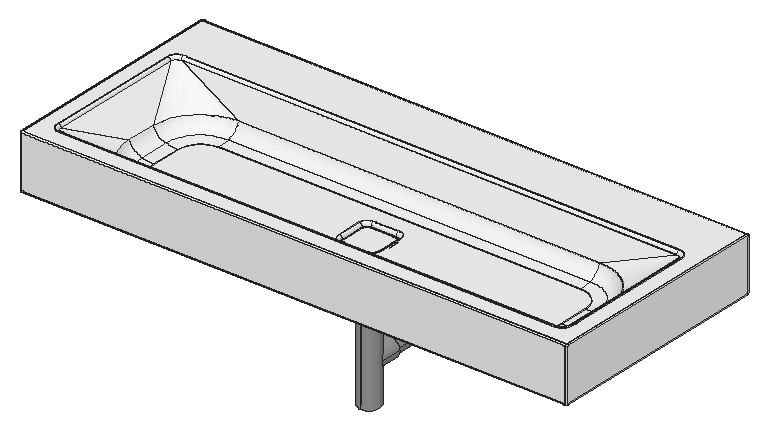
Revit family "KDW010100", category Appareils sanitaires, Revit 2015 (continued)
Definition of nested family "KDW010100"
  Automatic sketch dimensions
    Revolve 4 sketch curve to Revolve 4 sketch curve = 1.4185 cm
    Revolve 4 sketch curve to Revolve 4 sketch curve = 1.3323 cm
    Revolve 4 sketch curve to Revolve 4 sketch curve = 0.5 cm
    Extrusion 5 sketch curve to Extrusion 5 sketch curve = 1.2 cm  (x3)
    Extrusion 5 sketch curve to Extrusion 5 sketch curve = 5.0919 cm  (x2)
    Extrusion 5 sketch curve to Extrusion 5 sketch curve = 4.9814 cm
    Sweep 6 sketch curve to Sweep 6 sketch curve = 1.2 cm  (x3)
    Sweep 6 sketch curve to Sweep 6 sketch curve = 5.0919 cm
    Sweep 6 sketch curve to Sweep 6 sketch curve = 0 cm  (x2)
    Sweep 6 sketch curve to Sweep 6 sketch curve = 4.9814 cm
    profile plane to Sweep 6 sketch curve = 0 cm
    profile plane to Sweep 6 sketch curve = 0.0786 cm
    profile plane to Sweep 6 sketch curve = 2.2472 cm
    Sweep 6 sketch curve to Sweep 6 sketch curve = 0.1183 cm
    Revolve 7 sketch curve to plane 6 = 15.7154 cm
    Revolve 7 sketch curve to plane 6 = 13.9612 cm
    Revolve 7 sketch curve to Revolve 7 sketch curve = 1.2444 cm
    Revolve 7 sketch curve to Revolve 7 sketch curve = 0.1681 cm
    Revolve 7 sketch curve to Revolve 7 sketch curve = 0.0242 cm
    Revolve 7 sketch curve to Revolve 7 sketch curve = 0.2282 cm
    Revolve 7 sketch curve to plane 6 = 11.3667 cm
    Revolve 7 sketch curve to Revolve 7 sketch curve = 0.2692 cm
    Revolve 7 sketch curve to Revolve 7 sketch curve = 0 cm
    Revolve 7 sketch curve to plane 6 = 13.7214 cm
    Revolve 7 sketch curve to Revolve 7 sketch curve = 0.4917 cm
    Revolve 7 sketch curve to Revolve 7 sketch curve = 0.0784 cm
    Revolve 7 sketch curve to Revolve 7 sketch curve = 0.4389 cm
    Revolve 7 sketch curve to Revolve 7 sketch curve = 0.0996 cm  (x2)
    Revolve 7 sketch curve to plane 6 = 10.5536 cm
    Revolve 7 sketch curve to Revolve 7 sketch curve = 0.6366 cm
    Revolve 7 sketch curve to Revolve 7 sketch curve = 0.0963 cm
    Revolve 7 sketch curve to Revolve 7 sketch curve = 0.128 cm
    Revolve 7 sketch curve to Revolve 7 sketch curve = 0.4 cm
    Revolve 7 sketch curve to Revolve 7 sketch curve = 0.5734 cm
    Revolve 7 sketch curve to Revolve 7 sketch curve = 0.1504 cm
    Revolve 7 sketch curve to Revolve 7 sketch curve = 0.1 cm
    Revolve 7 sketch curve to Revolve 7 sketch curve = 0.5313 cm
    Revolve 7 sketch curve to Revolve 7 sketch curve = 0.3313 cm
    Revolve 7 sketch curve to Revolve 7 sketch curve = 0.5632 cm
    Revolve 7 sketch curve to Revolve 7 sketch curve = 0.1012 cm
    Revolve 7 sketch curve to Revolve 7 sketch curve = 0.2293 cm
    Revolve 7 sketch curve to Revolve 7 sketch curve = 0.1993 cm
    Revolve 7 sketch curve to Revolve 7 sketch curve = 0.3215 cm
    Revolve 7 sketch curve to Revolve 7 sketch curve = 0.7709 cm
    Revolve 7 sketch curve to Revolve 7 sketch curve = 0.0066 cm
    Revolve 7 sketch curve to Revolve 7 sketch curve = 0.8412 cm
    Revolve 7 sketch curve to Revolve 7 sketch curve = 0.6618 cm
    Extrusion 8 sketch curve to Extrusion 8 sketch curve = 3.325 cm
    Extrusion 8 sketch curve to Extrusion 8 sketch curve = 2 cm  (x3)
    Extrusion 8 sketch curve to Extrusion 8 sketch curve = 108.6897 cm
    Extrusion 8 sketch curve to Extrusion 8 sketch curve = 0 cm
    Extrusion 8 sketch curve to Extrusion 8 sketch curve = 5.3852 cm
    Extrusion 8 sketch curve to Extrusion 8 sketch curve = 3.6385 cm
    Extrusion 8 sketch curve to Extrusion 8 sketch curve = 30.0774 cm
    Extrusion 8 sketch curve to Extrusion 8 sketch curve = 11.6841 cm
    Revolve 9 sketch curve to plane 6 = 11.7991 cm
    Revolve 9 sketch curve to plane 6 = 0.3007 cm
    Revolve 9 sketch curve to Revolve 9 sketch curve = 0 cm  (x3)
    Revolve 9 sketch curve to Revolve 9 sketch curve = 0.0009 cm  (x2)
    Revolve 9 sketch curve to Revolve 9 sketch curve = 0.0991 cm
    Revolve 9 sketch curve to Revolve 9 sketch curve = 0.2 cm
    Revolve 9 sketch curve to Revolve 9 sketch curve = 0.2009 cm
    Revolve 9 sketch curve to Revolve 9 sketch curve = 0.0791 cm
    Revolve 9 sketch curve to Revolve 9 sketch curve = 0.0722 cm
    Revolve 10 sketch curve to plane 6 = 11.7991 cm
    Revolve 10 sketch curve to plane 6 = 0.3007 cm
    Revolve 10 sketch curve to Revolve 10 sketch curve = 0 cm  (x3)
    Revolve 10 sketch curve to Revolve 10 sketch curve = 0.0009 cm  (x2)
    Revolve 10 sketch curve to Revolve 10 sketch curve = 0.0991 cm  (x2)
    Revolve 10 sketch curve to Revolve 10 sketch curve = 0.2 cm
    Revolve 10 sketch curve to Revolve 10 sketch curve = 0.0791 cm
    Revolve 10 sketch curve to Revolve 10 sketch curve = 0.0722 cm
    Revolve 11 sketch curve to plane 6 = 11.7991 cm
    Revolve 11 sketch curve to plane 6 = 0.3007 cm
    Revolve 11 sketch curve to Revolve 11 sketch curve = 0 cm  (x3)
    Revolve 11 sketch curve to Revolve 11 sketch curve = 0.0009 cm  (x2)
    Revolve 11 sketch curve to Revolve 11 sketch curve = 0.0991 cm
    Revolve 11 sketch curve to Revolve 11 sketch curve = 0.2 cm
    Revolve 11 sketch curve to Revolve 11 sketch curve = 0.2009 cm
    Revolve 11 sketch curve to Revolve 11 sketch curve = 0.0791 cm
    Revolve 11 sketch curve to Revolve 11 sketch curve = 0.0722 cm
    Revolve 12 sketch curve to plane 6 = 11.7991 cm
    Revolve 12 sketch curve to plane 6 = 0.3007 cm
    Revolve 12 sketch curve to Revolve 12 sketch curve = 0 cm  (x3)
    Revolve 12 sketch curve to Revolve 12 sketch curve = 0.0009 cm  (x2)
    Revolve 12 sketch curve to Revolve 12 sketch curve = 0.0991 cm  (x2)
    Revolve 12 sketch curve to Revolve 12 sketch curve = 0.2 cm
    Revolve 12 sketch curve to Revolve 12 sketch curve = 0.0791 cm
    Revolve 12 sketch curve to Revolve 12 sketch curve = 0.0722 cm
    Extrusion 13 sketch curve to plane 6 = 0.3007 cm  (x2)
    Extrusion 13 sketch curve to Extrusion 13 sketch curve = 0.2 cm  (x2)
    Extrusion 13 sketch curve to Extrusion 13 sketch curve = 0.0991 cm  (x5)
    Extrusion 13 sketch curve to Extrusion 13 sketch curve = 0.0009 cm  (x4)
    Extrusion 13 sketch curve to plane 6 = 11.7 cm
    Extrusion 13 sketch curve to Extrusion 13 sketch curve = 49.4 cm
    Extrusion 13 sketch curve to Extrusion 13 sketch curve = 0 cm  (x3)
    Extrusion 13 sketch curve to Extrusion 13 sketch curve = 11.6993 cm
    Extrusion 14 sketch curve to plane 6 = 0.3007 cm
    Extrusion 14 sketch curve to Extrusion 14 sketch curve = 0.2 cm  (x2)
    Extrusion 14 sketch curve to Extrusion 14 sketch curve = 0.0991 cm  (x3)
    Extrusion 14 sketch curve to Extrusion 14 sketch curve = 0.0009 cm  (x4)
    Extrusion 14 sketch curve to plane 6 = 0.0007 cm
    Extrusion 14 sketch curve to Extrusion 14 sketch curve = 119.4 cm
    Extrusion 14 sketch curve to Extrusion 14 sketch curve = 0 cm  (x5)
    Extrusion 14 sketch curve to Extrusion 14 sketch curve = 11.3993 cm  (x2)
    Extrusion 15 sketch curve to Extrusion 15 sketch curve = 0.7 cm  (x2)
    Extrusion 15 sketch curve to Extrusion 15 sketch curve = 118 cm
    Extrusion 15 sketch curve to Extrusion 15 sketch curve = 1.7 cm  (x2)
    Extrusion 15 sketch curve to Extrusion 15 sketch curve = 46 cm
    Extrusion 16 sketch curve to Extrusion 16 sketch curve = 0.2 cm
    Extrusion 16 sketch curve to Extrusion 16 sketch curve = 2.5 cm
    Extrusion 16 sketch curve to Extrusion 16 sketch curve = 2.3 cm
    Extrusion 16 sketch curve to Extrusion 16 sketch curve = 0.05 cm  (x8)
    Extrusion 16 sketch curve to Extrusion 16 sketch curve = 0.3302 cm
    Extrusion 16 sketch curve to Extrusion 16 sketch curve = 0.5 cm  (x6)
    Extrusion 16 sketch curve to Extrusion 16 sketch curve = 1.8558 cm
    Extrusion 16 sketch curve to Extrusion 16 sketch curve = 1.586 cm
    Extrusion 16 sketch curve to Extrusion 16 sketch curve = 0.014 cm  (x2)
    Extrusion 16 sketch curve to Extrusion 16 sketch curve = 0.1859 cm  (x2)
    Extrusion 16 sketch curve to Extrusion 16 sketch curve = 0.3074 cm
    Extrusion 16 sketch curve to Extrusion 16 sketch curve = 1.214 cm
    Extrusion 16 sketch curve to Extrusion 16 sketch curve = 1.9942 cm
    Extrusion 16 sketch curve to Extrusion 16 sketch curve = 1.4869 cm
    Extrusion 16 sketch curve to Extrusion 16 sketch curve = 0.0122 cm  (x2)
    Extrusion 16 sketch curve to Extrusion 16 sketch curve = 0.1616 cm  (x2)
    Extrusion 16 sketch curve to Extrusion 16 sketch curve = 2.146 cm  (x2)
    Extrusion 16 sketch curve to Extrusion 16 sketch curve = 1.8 cm  (x2)
    Extrusion 16 sketch curve to Extrusion 16 sketch curve = 0 cm  (x11)
    Extrusion 16 sketch curve to Extrusion 16 sketch curve = 0.1 cm
    Extrusion 16 sketch curve to Extrusion 16 sketch curve = 0.1831 cm
    Extrusion 16 sketch curve to Extrusion 16 sketch curve = 0.7668 cm  (x4)
    Extrusion 16 sketch curve to Extrusion 16 sketch curve = 0.8152 cm
    Extrusion 16 sketch curve to Extrusion 16 sketch curve = 0.3223 cm
    Extrusion 16 sketch curve to Extrusion 16 sketch curve = 1.3 cm
    Extrusion 16 sketch curve to Extrusion 16 sketch curve = 0.6191 cm  (x4)
    Extrusion 16 sketch curve to Extrusion 16 sketch curve = 1.1349 cm
    Extrusion 16 sketch curve to Extrusion 16 sketch curve = 0.9869 cm
    Extrusion 16 sketch curve to Extrusion 16 sketch curve = 1.2959 cm
    Extrusion 16 sketch curve to Extrusion 16 sketch curve = 38.1337 cm
    Extrusion 16 sketch curve to Extrusion 16 sketch curve = 2.5758 cm
    Extrusion 16 sketch curve to Extrusion 16 sketch curve = 0.0243 cm
    Extrusion 16 sketch curve to Extrusion 16 sketch curve = 0.9999 cm
    Extrusion 16 sketch curve to Extrusion 16 sketch curve = 1.1499 cm
    Extrusion 16 sketch curve to Extrusion 16 sketch curve = 0.6641 cm
    Extrusion 16 sketch curve to Extrusion 16 sketch curve = 0.1485 cm
    Extrusion 16 sketch curve to Extrusion 16 sketch curve = 0.0859 cm
    Extrusion 16 sketch curve to Extrusion 16 sketch curve = 0.4584 cm
    Revolve 17 sketch curve to plane 6 = 14.8115 cm
    Revolve 17 sketch curve to Revolve 17 sketch curve = 1.6933 cm
    Revolve 17 sketch curve to Revolve 17 sketch curve = 1.6405 cm
    Revolve 17 sketch curve to Revolve 17 sketch curve = 1.1242 cm
    Revolve 17 sketch curve to Revolve 17 sketch curve = 0.0201 cm
    Revolve 17 sketch curve to Revolve 17 sketch curve = 0.0047 cm
    Revolve 17 sketch curve to Revolve 17 sketch curve = 0.3965 cm
    Revolve 17 sketch curve to Revolve 17 sketch curve = 1.7779 cm
    Revolve 17 sketch curve to Revolve 17 sketch curve = 1.8903 cm
    Revolve 17 sketch curve to Revolve 17 sketch curve = 0.2 cm  (x2)
    Revolve 17 sketch curve to Revolve 17 sketch curve = 0.2984 cm
    Revolve 17 sketch curve to Revolve 17 sketch curve = 0.0083 cm
    Revolve 17 sketch curve to Revolve 17 sketch curve = 0.6951 cm
    Revolve 17 sketch curve to Revolve 17 sketch curve = 2.0187 cm
    Revolve 17 sketch curve to Revolve 17 sketch curve = 0.5454 cm
    Revolve 17 sketch curve to Revolve 17 sketch curve = 0.3086 cm
    Sweep 18 sketch curve to Sweep 18 sketch curve = 2 cm  (x3)
    Sweep 18 sketch curve to Sweep 18 sketch curve = 108.6897 cm
    Sweep 18 sketch curve to Sweep 18 sketch curve = 0 cm
    Sweep 18 sketch curve to Sweep 18 sketch curve = 30.0774 cm
    profile plane to Sweep 18 sketch curve = 0.6535 cm
    Sweep 18 sketch curve to Sweep 18 sketch curve = 0.2 cm
    profile plane to Sweep 18 sketch curve = 0.0036 cm  (x2)
    Sweep 18 sketch curve to profile plane = 0.0964 cm
    profile plane to Sweep 18 sketch curve = 11.3377 cm
    Sweep 18 sketch curve to Sweep 18 sketch curve = 0.0045 cm
    Sweep 18 sketch curve to Sweep 18 sketch curve = 0.102 cm
    Extrusion 19 sketch curve to plane 6 = 6.5 cm
    Extrusion 19 sketch curve to Extrusion 19 sketch curve = 0.8 cm  (x4)
    Extrusion 19 sketch curve to plane 6 = 4.5 cm
    Extrusion 19 sketch curve to Extrusion 19 sketch curve = 37.2 cm
    Extrusion 19 sketch curve to plane 6 = 5.5 cm  (x2)
    Extrusion 19 sketch curve to Extrusion 19 sketch curve = 27.1915 cm
    Extrusion 19 sketch curve to Extrusion 19 sketch curve = 37.2043 cm
    Extrusion 19 sketch curve to Extrusion 19 sketch curve = 2 cm
    Extrusion 19 sketch curve to Extrusion 19 sketch curve = 1 cm  (x3)
    Sweep 20 sketch curve to Sweep 20 sketch curve = 5 cm  (x3)
    Sweep 20 sketch curve to Sweep 20 sketch curve = 79.3462 cm
    Sweep 20 sketch curve to Sweep 20 sketch curve = 0 cm
    Sweep 20 sketch curve to Sweep 20 sketch curve = 6.5472 cm
    Sweep 20 sketch curve to profile plane = 0 cm
    profile plane to Sweep 20 sketch curve = 0.3378 cm
    Sweep 20 sketch curve to profile plane = 0.0618 cm
    Sweep 20 sketch curve to profile plane = 1.7068 cm
    Sweep 20 sketch curve to Sweep 20 sketch curve = 0.1118 cm
    Sweep 20 sketch curve to Sweep 20 sketch curve = 3.6065 cm
    Sweep 20 sketch curve to Sweep 20 sketch curve = 0.2 cm  (x2)
    profile plane to Sweep 20 sketch curve = 2.8292 cm
    profile plane to Sweep 20 sketch curve = 5.8 cm
    Sweep 20 sketch curve to Sweep 20 sketch curve = 1.2189 cm
    Sweep 20 sketch curve to Sweep 20 sketch curve = 0.1305 cm
    Sweep 20 sketch curve to Sweep 20 sketch curve = 7.7699 cm
    Sweep 20 sketch curve to Sweep 20 sketch curve = 4.063 cm
    SweptBlend 21 sketch curve to plane 6 = 6.2 cm
    SweptBlend 21 sketch curve to plane 6 = 0.5559 cm
    SweptBlend 21 sketch curve to SweptBlend 21 sketch curve = 0 cm  (x8)
    profile plane to SweptBlend 21 sketch curve = 13.9861 cm
    SweptBlend 21 sketch curve to profile plane = 55.8691 cm
    SweptBlend 21 sketch curve to SweptBlend 21 sketch curve = 0.2 cm  (x2)
    SweptBlend 21 sketch curve to SweptBlend 21 sketch curve = 1.3465 cm  (x2)
    profile plane to SweptBlend 21 sketch curve = 0.0222 cm  (x4)
    SweptBlend 21 sketch curve to profile plane = 16.0913 cm
    profile plane to SweptBlend 21 sketch curve = 2.2018 cm
    SweptBlend 21 sketch curve to profile plane = 50.2983 cm
    SweptBlend 21 sketch curve to SweptBlend 21 sketch curve = 10.4252 cm  (x2)
    SweptBlend 21 sketch curve to profile plane = 4.3454 cm
    SweptBlend 22 sketch curve to plane 6 = 6.2 cm
    SweptBlend 22 sketch curve to plane 6 = 0.5559 cm
    SweptBlend 22 sketch curve to SweptBlend 22 sketch curve = 0 cm  (x8)
    SweptBlend 22 sketch curve to profile plane = 13.9861 cm
    SweptBlend 22 sketch curve to profile plane = 55.8691 cm
    SweptBlend 22 sketch curve to SweptBlend 22 sketch curve = 0.2 cm  (x2)
    SweptBlend 22 sketch curve to SweptBlend 22 sketch curve = 1.3465 cm  (x2)
    profile plane to SweptBlend 22 sketch curve = 0.0222 cm  (x4)
    profile plane to SweptBlend 22 sketch curve = 16.0913 cm
    SweptBlend 22 sketch curve to profile plane = 2.2018 cm
    SweptBlend 22 sketch curve to profile plane = 50.2983 cm
    SweptBlend 22 sketch curve to SweptBlend 22 sketch curve = 10.4252 cm  (x2)
    profile plane to SweptBlend 22 sketch curve = 4.3454 cm
    Extrusion 23 sketch curve to Extrusion 23 sketch curve = 5 cm  (x3)
    Extrusion 23 sketch curve to Extrusion 23 sketch curve = 35.142 cm
    Extrusion 23 sketch curve to Extrusion 23 sketch curve = 1.8443 cm  (x4)
    Extrusion 23 sketch curve to Extrusion 23 sketch curve = 5.4788 cm
    Extrusion 23 sketch curve to Extrusion 23 sketch curve = 0.0001 cm
    Extrusion 23 sketch curve to Extrusion 23 sketch curve = 35.0367 cm
    Extrusion 23 sketch curve to Extrusion 23 sketch curve = 0 cm
    Extrusion 23 sketch curve to Extrusion 23 sketch curve = 1.3062 cm
    Extrusion 23 sketch curve to Extrusion 23 sketch curve = 5.4782 cm
    Extrusion 23 sketch curve to Extrusion 23 sketch curve = 6.5472 cm
    Sweep 24 sketch curve to plane 5 = 0 cm
    plane 5 to Sweep 24 sketch curve = 1.8443 cm
    Sweep 24 sketch curve to Sweep 24 sketch curve = 1.8443 cm
    Sweep 24 sketch curve to Sweep 24 sketch curve = 5.4782 cm
    Sweep 24 sketch curve to Sweep 24 sketch curve = 5.4825 cm
    Sweep 24 sketch curve to Sweep 24 sketch curve = 1.84 cm
    Sweep 24 sketch curve to Sweep 24 sketch curve = 5.4788 cm
    Sweep 24 sketch curve to profile plane = 0 cm
    Sweep 24 sketch curve to plane 4 = 0.0007 cm
    plane 4 to Sweep 24 sketch curve = 0.0116 cm
    plane 4 to Sweep 24 sketch curve = 0.0298 cm
    Sweep 24 sketch curve to profile plane = 0.0875 cm
    Sweep 24 sketch curve to Sweep 24 sketch curve = 0.0877 cm
    Sweep 24 sketch curve to profile plane = 2.9473 cm
    Sweep 24 sketch curve to Sweep 24 sketch curve = 0.201 cm
    Sweep 24 sketch curve to Sweep 24 sketch curve = 0.3416 cm
    Sweep 24 sketch curve to Sweep 24 sketch curve = 0.3943 cm
    Sweep 24 sketch curve to Sweep 24 sketch curve = 0.0097 cm
    Sweep 24 sketch curve to Sweep 24 sketch curve = 0.0754 cm
    Sweep 24 sketch curve to Sweep 24 sketch curve = 0.496 cm
    Sweep 24 sketch curve to Sweep 24 sketch curve = 0.2053 cm
    Extrusion 25 sketch curve to Extrusion 25 sketch curve = 0.8 cm
    Extrusion 25 sketch curve to Extrusion 25 sketch curve = 2.6948 cm
    Extrusion 25 sketch curve to Extrusion 25 sketch curve = 0.0446 cm
    Extrusion 25 sketch curve to Extrusion 25 sketch curve = 2.7391 cm
    Extrusion 25 sketch curve to Extrusion 25 sketch curve = 0 cm
    Extrusion 26 sketch curve to Extrusion 26 sketch curve = 0.8 cm
    Extrusion 26 sketch curve to Extrusion 26 sketch curve = 2.6948 cm
    Extrusion 26 sketch curve to Extrusion 26 sketch curve = 0.0446 cm
    Extrusion 26 sketch curve to Extrusion 26 sketch curve = 3.5391 cm
    Extrusion 26 sketch curve to Extrusion 26 sketch curve = 0 cm
    Extrusion 27 sketch curve to Extrusion 27 sketch curve = 0.8 cm
    Extrusion 27 sketch curve to Extrusion 27 sketch curve = 2.6948 cm
    Extrusion 27 sketch curve to Extrusion 27 sketch curve = 0.0446 cm
    Extrusion 27 sketch curve to Extrusion 27 sketch curve = 3.5391 cm
    Extrusion 27 sketch curve to Extrusion 27 sketch curve = 0 cm
    Extrusion 28 sketch curve to Extrusion 28 sketch curve = 0.8 cm
    Extrusion 28 sketch curve to Extrusion 28 sketch curve = 2.6948 cm
    Extrusion 28 sketch curve to Extrusion 28 sketch curve = 0.0446 cm
    Extrusion 28 sketch curve to Extrusion 28 sketch curve = 2.7391 cm
    Extrusion 28 sketch curve to Extrusion 28 sketch curve = 0 cm
    Extrusion 29 sketch curve to plane 9 = 32.8443 cm
    Extrusion 30 sketch curve to plane 9 = 33.038 cm
    Extrusion 31 sketch curve to plane 9 = 33.038 cm
    Revolve 32 sketch curve to plane 9 = 15.7935 cm
    Revolve 32 sketch curve to Revolve 32 sketch curve = 0.5098 cm
    Revolve 32 sketch curve to Revolve 32 sketch curve = 0.8583 cm
    Revolve 32 sketch curve to Revolve 32 sketch curve = 26.0861 cm
    Revolve 32 sketch curve to Revolve 32 sketch curve = 1.9943 cm
    Revolve 32 sketch curve to Revolve 32 sketch curve = 1.4185 cm
    Revolve 32 sketch curve to Revolve 32 sketch curve = 1.3323 cm
    Revolve 32 sketch curve to Revolve 32 sketch curve = 0.5 cm
    Extrusion 33 sketch curve to Extrusion 33 sketch curve = 1.2 cm  (x3)
    Extrusion 33 sketch curve to Extrusion 33 sketch curve = 5.0919 cm  (x2)
    Extrusion 33 sketch curve to Extrusion 33 sketch curve = 4.9814 cm
    Sweep 34 sketch curve to Sweep 34 sketch curve = 1.2 cm  (x3)
    Sweep 34 sketch curve to Sweep 34 sketch curve = 5.0919 cm
    Sweep 34 sketch curve to Sweep 34 sketch curve = 0 cm  (x2)
    Sweep 34 sketch curve to Sweep 34 sketch curve = 4.9814 cm
    profile plane to Sweep 34 sketch curve = 0 cm
    profile plane to Sweep 34 sketch curve = 0.0786 cm
    profile plane to Sweep 34 sketch curve = 2.2472 cm
    Sweep 34 sketch curve to Sweep 34 sketch curve = 0.1183 cm
    Revolve 35 sketch curve to plane 9 = 15.7154 cm
    Revolve 35 sketch curve to plane 9 = 13.9612 cm
    Revolve 35 sketch curve to Revolve 35 sketch curve = 1.2444 cm
    Revolve 35 sketch curve to Revolve 35 sketch curve = 0.1681 cm
    Revolve 35 sketch curve to Revolve 35 sketch curve = 0.0242 cm
    Revolve 35 sketch curve to Revolve 35 sketch curve = 0.2282 cm
    Revolve 35 sketch curve to plane 9 = 11.3667 cm
    Revolve 35 sketch curve to Revolve 35 sketch curve = 0.2692 cm
    Revolve 35 sketch curve to Revolve 35 sketch curve = 0 cm
    Revolve 35 sketch curve to plane 9 = 13.7214 cm
    Revolve 35 sketch curve to Revolve 35 sketch curve = 0.4917 cm
    Revolve 35 sketch curve to Revolve 35 sketch curve = 0.0784 cm
    Revolve 35 sketch curve to Revolve 35 sketch curve = 0.4389 cm
    Revolve 35 sketch curve to Revolve 35 sketch curve = 0.0996 cm  (x2)
    Revolve 35 sketch curve to plane 9 = 10.5536 cm
    Revolve 35 sketch curve to Revolve 35 sketch curve = 0.6366 cm
    Revolve 35 sketch curve to Revolve 35 sketch curve = 0.0963 cm
    Revolve 35 sketch curve to Revolve 35 sketch curve = 0.128 cm
    Revolve 35 sketch curve to Revolve 35 sketch curve = 0.4 cm
    Revolve 35 sketch curve to Revolve 35 sketch curve = 0.5734 cm
    Revolve 35 sketch curve to Revolve 35 sketch curve = 0.1504 cm
    Revolve 35 sketch curve to Revolve 35 sketch curve = 0.1 cm
    Revolve 35 sketch curve to Revolve 35 sketch curve = 0.5313 cm
    Revolve 35 sketch curve to Revolve 35 sketch curve = 0.3313 cm
    Revolve 35 sketch curve to Revolve 35 sketch curve = 0.5632 cm
    Revolve 35 sketch curve to Revolve 35 sketch curve = 0.1012 cm
    Revolve 35 sketch curve to Revolve 35 sketch curve = 0.2293 cm
    Revolve 35 sketch curve to Revolve 35 sketch curve = 0.1993 cm
    Revolve 35 sketch curve to Revolve 35 sketch curve = 0.3215 cm
    Revolve 35 sketch curve to Revolve 35 sketch curve = 0.7709 cm
    Revolve 35 sketch curve to Revolve 35 sketch curve = 0.0066 cm
    Revolve 35 sketch curve to Revolve 35 sketch curve = 0.8412 cm
    Revolve 35 sketch curve to Revolve 35 sketch curve = 0.6618 cm
    Extrusion 36 sketch curve to Extrusion 36 sketch curve = 3.325 cm
    Extrusion 36 sketch curve to Extrusion 36 sketch curve = 2 cm  (x3)
    Extrusion 36 sketch curve to Extrusion 36 sketch curve = 108.6897 cm
    Extrusion 36 sketch curve to Extrusion 36 sketch curve = 0 cm
    Extrusion 36 sketch curve to Extrusion 36 sketch curve = 5.3852 cm
    Extrusion 36 sketch curve to Extrusion 36 sketch curve = 3.6385 cm
    Extrusion 36 sketch curve to Extrusion 36 sketch curve = 30.0774 cm
    Extrusion 36 sketch curve to Extrusion 36 sketch curve = 11.6841 cm
    Revolve 37 sketch curve to plane 9 = 11.7991 cm
    Revolve 37 sketch curve to plane 9 = 0.3007 cm
    Revolve 37 sketch curve to Revolve 37 sketch curve = 0 cm  (x3)
    Revolve 37 sketch curve to Revolve 37 sketch curve = 0.0009 cm  (x2)
    Revolve 37 sketch curve to Revolve 37 sketch curve = 0.0991 cm
    Revolve 37 sketch curve to Revolve 37 sketch curve = 0.2 cm
    Revolve 37 sketch curve to Revolve 37 sketch curve = 0.2009 cm
    Revolve 37 sketch curve to Revolve 37 sketch curve = 0.0791 cm
    Revolve 37 sketch curve to Revolve 37 sketch curve = 0.0722 cm
    Revolve 38 sketch curve to plane 9 = 11.7991 cm
    Revolve 38 sketch curve to plane 9 = 0.3007 cm
    Revolve 38 sketch curve to Revolve 38 sketch curve = 0 cm  (x3)
    Revolve 38 sketch curve to Revolve 38 sketch curve = 0.0009 cm  (x2)
    Revolve 38 sketch curve to Revolve 38 sketch curve = 0.0991 cm  (x2)
    Revolve 38 sketch curve to Revolve 38 sketch curve = 0.2 cm
    Revolve 38 sketch curve to Revolve 38 sketch curve = 0.0791 cm
    Revolve 38 sketch curve to Revolve 38 sketch curve = 0.0722 cm
    Revolve 39 sketch curve to plane 9 = 11.7991 cm
    Revolve 39 sketch curve to plane 9 = 0.3007 cm
    Revolve 39 sketch curve to Revolve 39 sketch curve = 0 cm  (x3)
    Revolve 39 sketch curve to Revolve 39 sketch curve = 0.0009 cm  (x2)
    Revolve 39 sketch curve to Revolve 39 sketch curve = 0.0991 cm
    Revolve 39 sketch curve to Revolve 39 sketch curve = 0.2 cm
    Revolve 39 sketch curve to Revolve 39 sketch curve = 0.2009 cm
    Revolve 39 sketch curve to Revolve 39 sketch curve = 0.0791 cm
    Revolve 39 sketch curve to Revolve 39 sketch curve = 0.0722 cm
    Revolve 40 sketch curve to plane 9 = 11.7991 cm
    Revolve 40 sketch curve to plane 9 = 0.3007 cm
    Revolve 40 sketch curve to Revolve 40 sketch curve = 0 cm  (x3)
    Revolve 40 sketch curve to Revolve 40 sketch curve = 0.0009 cm  (x2)
    Revolve 40 sketch curve to Revolve 40 sketch curve = 0.0991 cm  (x2)
    Revolve 40 sketch curve to Revolve 40 sketch curve = 0.2 cm
    Revolve 40 sketch curve to Revolve 40 sketch curve = 0.0791 cm
    Revolve 40 sketch curve to Revolve 40 sketch curve = 0.0722 cm
    Extrusion 41 sketch curve to plane 9 = 0.3007 cm  (x2)
    Extrusion 41 sketch curve to Extrusion 41 sketch curve = 0.2 cm  (x2)
    Extrusion 41 sketch curve to Extrusion 41 sketch curve = 0.0991 cm  (x5)
    Extrusion 41 sketch curve to Extrusion 41 sketch curve = 0.0009 cm  (x4)
    Extrusion 41 sketch curve to plane 9 = 11.7 cm
    Extrusion 41 sketch curve to Extrusion 41 sketch curve = 49.4 cm
    Extrusion 41 sketch curve to Extrusion 41 sketch curve = 0 cm  (x3)
    Extrusion 41 sketch curve to Extrusion 41 sketch curve = 11.6993 cm
    Extrusion 42 sketch curve to plane 9 = 0.3007 cm
    Extrusion 42 sketch curve to Extrusion 42 sketch curve = 0.2 cm  (x2)
    Extrusion 42 sketch curve to Extrusion 42 sketch curve = 0.0991 cm  (x3)
    Extrusion 42 sketch curve to Extrusion 42 sketch curve = 0.0009 cm  (x4)
    Extrusion 42 sketch curve to plane 9 = 0.0007 cm
    Extrusion 42 sketch curve to Extrusion 42 sketch curve = 119.4 cm
    Extrusion 42 sketch curve to Extrusion 42 sketch curve = 0 cm  (x5)
    Extrusion 42 sketch curve to Extrusion 42 sketch curve = 11.3993 cm  (x2)
    Extrusion 43 sketch curve to Extrusion 43 sketch curve = 0.7 cm  (x2)
    Extrusion 43 sketch curve to Extrusion 43 sketch curve = 118 cm
    Extrusion 43 sketch curve to Extrusion 43 sketch curve = 1.7 cm  (x2)
    Extrusion 43 sketch curve to Extrusion 43 sketch curve = 46 cm
    Extrusion 44 sketch curve to Extrusion 44 sketch curve = 0.2 cm
    Extrusion 44 sketch curve to Extrusion 44 sketch curve = 2.5 cm
    Extrusion 44 sketch curve to Extrusion 44 sketch curve = 2.3 cm
    Extrusion 44 sketch curve to Extrusion 44 sketch curve = 0.05 cm  (x8)
    Extrusion 44 sketch curve to Extrusion 44 sketch curve = 0.3302 cm
    Extrusion 44 sketch curve to Extrusion 44 sketch curve = 0.5 cm  (x6)
    Extrusion 44 sketch curve to Extrusion 44 sketch curve = 1.8558 cm
    Extrusion 44 sketch curve to Extrusion 44 sketch curve = 1.586 cm
    Extrusion 44 sketch curve to Extrusion 44 sketch curve = 0.014 cm  (x2)
    Extrusion 44 sketch curve to Extrusion 44 sketch curve = 0.1859 cm  (x2)
    Extrusion 44 sketch curve to Extrusion 44 sketch curve = 0.3074 cm
    Extrusion 44 sketch curve to Extrusion 44 sketch curve = 1.214 cm
    Extrusion 44 sketch curve to Extrusion 44 sketch curve = 1.9942 cm
    Extrusion 44 sketch curve to Extrusion 44 sketch curve = 1.4869 cm
    Extrusion 44 sketch curve to Extrusion 44 sketch curve = 0.0122 cm  (x2)
    Extrusion 44 sketch curve to Extrusion 44 sketch curve = 0.1616 cm  (x2)
    Extrusion 44 sketch curve to Extrusion 44 sketch curve = 2.146 cm  (x2)
    Extrusion 44 sketch curve to Extrusion 44 sketch curve = 1.8 cm  (x2)
    Extrusion 44 sketch curve to Extrusion 44 sketch curve = 0 cm  (x11)
    Extrusion 44 sketch curve to Extrusion 44 sketch curve = 0.1 cm
    Extrusion 44 sketch curve to Extrusion 44 sketch curve = 0.1831 cm
    Extrusion 44 sketch curve to Extrusion 44 sketch curve = 0.7668 cm  (x4)
    Extrusion 44 sketch curve to Extrusion 44 sketch curve = 0.8152 cm
    Extrusion 44 sketch curve to Extrusion 44 sketch curve = 0.3223 cm
    Extrusion 44 sketch curve to Extrusion 44 sketch curve = 1.3 cm
    Extrusion 44 sketch curve to Extrusion 44 sketch curve = 0.6191 cm  (x4)
    Extrusion 44 sketch curve to Extrusion 44 sketch curve = 1.1349 cm
    Extrusion 44 sketch curve to Extrusion 44 sketch curve = 0.9869 cm
    Extrusion 44 sketch curve to Extrusion 44 sketch curve = 1.2959 cm
    Extrusion 44 sketch curve to Extrusion 44 sketch curve = 38.1337 cm
    Extrusion 44 sketch curve to Extrusion 44 sketch curve = 2.5758 cm
    Extrusion 44 sketch curve to Extrusion 44 sketch curve = 0.0243 cm
    Extrusion 44 sketch curve to Extrusion 44 sketch curve = 0.9999 cm
    Extrusion 44 sketch curve to Extrusion 44 sketch curve = 1.1499 cm
    Extrusion 44 sketch curve to Extrusion 44 sketch curve = 0.6641 cm
    Extrusion 44 sketch curve to Extrusion 44 sketch curve = 0.1485 cm
    Extrusion 44 sketch curve to Extrusion 44 sketch curve = 0.0859 cm
    Extrusion 44 sketch curve to Extrusion 44 sketch curve = 0.4584 cm
    Revolve 45 sketch curve to plane 9 = 14.8115 cm
    Revolve 45 sketch curve to Revolve 45 sketch curve = 1.6933 cm
    Revolve 45 sketch curve to Revolve 45 sketch curve = 1.6405 cm
    Revolve 45 sketch curve to Revolve 45 sketch curve = 1.1242 cm
    Revolve 45 sketch curve to Revolve 45 sketch curve = 0.0201 cm
    Revolve 45 sketch curve to Revolve 45 sketch curve = 0.0047 cm
    Revolve 45 sketch curve to Revolve 45 sketch curve = 0.3965 cm
    Revolve 45 sketch curve to Revolve 45 sketch curve = 1.7779 cm
    Revolve 45 sketch curve to Revolve 45 sketch curve = 1.8903 cm
    Revolve 45 sketch curve to Revolve 45 sketch curve = 0.2 cm  (x2)
    Revolve 45 sketch curve to Revolve 45 sketch curve = 0.2984 cm
    Revolve 45 sketch curve to Revolve 45 sketch curve = 0.0083 cm
    Revolve 45 sketch curve to Revolve 45 sketch curve = 0.6951 cm
    Revolve 45 sketch curve to Revolve 45 sketch curve = 2.0187 cm
    Revolve 45 sketch curve to Revolve 45 sketch curve = 0.5454 cm
    Revolve 45 sketch curve to Revolve 45 sketch curve = 0.3086 cm
    Sweep 46 sketch curve to Sweep 46 sketch curve = 2 cm  (x3)
    Sweep 46 sketch curve to Sweep 46 sketch curve = 108.6897 cm
    Sweep 46 sketch curve to Sweep 46 sketch curve = 0 cm
    Sweep 46 sketch curve to Sweep 46 sketch curve = 30.0774 cm
    profile plane to Sweep 46 sketch curve = 0.6535 cm
    Sweep 46 sketch curve to Sweep 46 sketch curve = 0.2 cm
    profile plane to Sweep 46 sketch curve = 0.0036 cm  (x2)
    Sweep 46 sketch curve to profile plane = 0.0964 cm
    profile plane to Sweep 46 sketch curve = 11.3377 cm
    Sweep 46 sketch curve to Sweep 46 sketch curve = 0.0045 cm
    Sweep 46 sketch curve to Sweep 46 sketch curve = 0.102 cm
    Extrusion 47 sketch curve to plane 9 = 6.5 cm
    Extrusion 47 sketch curve to Extrusion 47 sketch curve = 0.8 cm  (x4)
    Extrusion 47 sketch curve to plane 9 = 4.5 cm
    Extrusion 47 sketch curve to Extrusion 47 sketch curve = 37.2 cm
    Extrusion 47 sketch curve to plane 9 = 5.5 cm  (x2)
    Extrusion 47 sketch curve to Extrusion 47 sketch curve = 27.1915 cm
    Extrusion 47 sketch curve to Extrusion 47 sketch curve = 37.2043 cm
    Extrusion 47 sketch curve to Extrusion 47 sketch curve = 2 cm
    Extrusion 47 sketch curve to Extrusion 47 sketch curve = 1 cm  (x3)
    Sweep 48 sketch curve to Sweep 48 sketch curve = 5 cm  (x3)
    Sweep 48 sketch curve to Sweep 48 sketch curve = 79.3462 cm
    Sweep 48 sketch curve to Sweep 48 sketch curve = 0 cm
    Sweep 48 sketch curve to Sweep 48 sketch curve = 6.5472 cm
    Sweep 48 sketch curve to profile plane = 0 cm
    profile plane to Sweep 48 sketch curve = 0.3378 cm
    Sweep 48 sketch curve to profile plane = 0.0618 cm
    Sweep 48 sketch curve to profile plane = 1.7068 cm
    Sweep 48 sketch curve to Sweep 48 sketch curve = 0.1118 cm
    Sweep 48 sketch curve to Sweep 48 sketch curve = 3.6065 cm
    Sweep 48 sketch curve to Sweep 48 sketch curve = 0.2 cm  (x2)
    profile plane to Sweep 48 sketch curve = 2.8292 cm
    profile plane to Sweep 48 sketch curve = 5.8 cm
    Sweep 48 sketch curve to Sweep 48 sketch curve = 1.2189 cm
    Sweep 48 sketch curve to Sweep 48 sketch curve = 0.1305 cm
    Sweep 48 sketch curve to Sweep 48 sketch curve = 7.7699 cm
    Sweep 48 sketch curve to Sweep 48 sketch curve = 4.063 cm
    SweptBlend 49 sketch curve to plane 9 = 6.2 cm
    SweptBlend 49 sketch curve to plane 9 = 0.5559 cm
    SweptBlend 49 sketch curve to SweptBlend 49 sketch curve = 0 cm  (x8)
    profile plane to SweptBlend 49 sketch curve = 13.9861 cm
    SweptBlend 49 sketch curve to profile plane = 55.8691 cm
    SweptBlend 49 sketch curve to SweptBlend 49 sketch curve = 0.2 cm  (x2)
    SweptBlend 49 sketch curve to SweptBlend 49 sketch curve = 1.3465 cm  (x2)
    profile plane to SweptBlend 49 sketch curve = 0.0222 cm  (x4)
    SweptBlend 49 sketch curve to profile plane = 16.0913 cm
    profile plane to SweptBlend 49 sketch curve = 2.2018 cm
    SweptBlend 49 sketch curve to profile plane = 50.2983 cm
    SweptBlend 49 sketch curve to SweptBlend 49 sketch curve = 10.4252 cm  (x2)
    SweptBlend 49 sketch curve to profile plane = 4.3454 cm
    SweptBlend 50 sketch curve to plane 9 = 6.2 cm
    SweptBlend 50 sketch curve to plane 9 = 0.5559 cm
    SweptBlend 50 sketch curve to SweptBlend 50 sketch curve = 0 cm  (x8)
    SweptBlend 50 sketch curve to profile plane = 13.9861 cm
    SweptBlend 50 sketch curve to profile plane = 55.8691 cm
    SweptBlend 50 sketch curve to SweptBlend 50 sketch curve = 0.2 cm  (x2)
    SweptBlend 50 sketch curve to SweptBlend 50 sketch curve = 1.3465 cm  (x2)
    profile plane to SweptBlend 50 sketch curve = 0.0222 cm  (x4)
    profile plane to SweptBlend 50 sketch curve = 16.0913 cm
    SweptBlend 50 sketch curve to profile plane = 2.2018 cm
    SweptBlend 50 sketch curve to profile plane = 50.2983 cm
    SweptBlend 50 sketch curve to SweptBlend 50 sketch curve = 10.4252 cm  (x2)
    profile plane to SweptBlend 50 sketch curve = 4.3454 cm
    Extrusion 51 sketch curve to Extrusion 51 sketch curve = 5 cm  (x3)
    Extrusion 51 sketch curve to Extrusion 51 sketch curve = 35.142 cm
    Extrusion 51 sketch curve to Extrusion 51 sketch curve = 1.8443 cm  (x4)
    Extrusion 51 sketch curve to Extrusion 51 sketch curve = 5.4788 cm
    Extrusion 51 sketch curve to Extrusion 51 sketch curve = 0.0001 cm
    Extrusion 51 sketch curve to Extrusion 51 sketch curve = 35.0367 cm
    Extrusion 51 sketch curve to Extrusion 51 sketch curve = 0 cm
    Extrusion 51 sketch curve to Extrusion 51 sketch curve = 1.3062 cm
    Extrusion 51 sketch curve to Extrusion 51 sketch curve = 5.4782 cm
    Extrusion 51 sketch curve to Extrusion 51 sketch curve = 6.5472 cm
    Sweep 52 sketch curve to plane 8 = 0 cm
    plane 8 to Sweep 52 sketch curve = 1.8443 cm
    Sweep 52 sketch curve to Sweep 52 sketch curve = 1.8443 cm
    Sweep 52 sketch curve to Sweep 52 sketch curve = 5.4782 cm
    Sweep 52 sketch curve to Sweep 52 sketch curve = 5.4825 cm
    Sweep 52 sketch curve to Sweep 52 sketch curve = 1.84 cm
    Sweep 52 sketch curve to Sweep 52 sketch curve = 5.4788 cm
    Sweep 52 sketch curve to profile plane = 0 cm
    Sweep 52 sketch curve to plane 7 = 0.0007 cm
    plane 7 to Sweep 52 sketch curve = 0.0116 cm
    plane 7 to Sweep 52 sketch curve = 0.0298 cm
    Sweep 52 sketch curve to profile plane = 0.0875 cm
    Sweep 52 sketch curve to Sweep 52 sketch curve = 0.0877 cm
    Sweep 52 sketch curve to profile plane = 2.9473 cm
    Sweep 52 sketch curve to Sweep 52 sketch curve = 0.201 cm
    Sweep 52 sketch curve to Sweep 52 sketch curve = 0.3416 cm
    Sweep 52 sketch curve to Sweep 52 sketch curve = 0.3943 cm
    Sweep 52 sketch curve to Sweep 52 sketch curve = 0.0097 cm
    Sweep 52 sketch curve to Sweep 52 sketch curve = 0.0754 cm
    Sweep 52 sketch curve to Sweep 52 sketch curve = 0.496 cm
    Sweep 52 sketch curve to Sweep 52 sketch curve = 0.2053 cm
    Extrusion 53 sketch curve to Extrusion 53 sketch curve = 0.8 cm
    Extrusion 53 sketch curve to Extrusion 53 sketch curve = 2.6948 cm
    Extrusion 53 sketch curve to Extrusion 53 sketch curve = 0.0446 cm
    Extrusion 53 sketch curve to Extrusion 53 sketch curve = 2.7391 cm
    Extrusion 53 sketch curve to Extrusion 53 sketch curve = 0 cm
    Extrusion 54 sketch curve to Extrusion 54 sketch curve = 0.8 cm
    Extrusion 54 sketch curve to Extrusion 54 sketch curve = 2.6948 cm
    Extrusion 54 sketch curve to Extrusion 54 sketch curve = 0.0446 cm
    Extrusion 54 sketch curve to Extrusion 54 sketch curve = 3.5391 cm
    Extrusion 54 sketch curve to Extrusion 54 sketch curve = 0 cm
    Extrusion 55 sketch curve to Extrusion 55 sketch curve = 0.8 cm
    Extrusion 55 sketch curve to Extrusion 55 sketch curve = 2.6948 cm
    Extrusion 55 sketch curve to Extrusion 55 sketch curve = 0.0446 cm
    Extrusion 55 sketch curve to Extrusion 55 sketch curve = 3.5391 cm
    Extrusion 55 sketch curve to Extrusion 55 sketch curve = 0 cm
    Extrusion 56 sketch curve to Extrusion 56 sketch curve = 0.8 cm
    Extrusion 56 sketch curve to Extrusion 56 sketch curve = 2.6948 cm
    Extrusion 56 sketch curve to Extrusion 56 sketch curve = 0.0446 cm
    Extrusion 56 sketch curve to Extrusion 56 sketch curve = 2.7391 cm
    Extrusion 56 sketch curve to Extrusion 56 sketch curve = 0 cm
    radius of Extrusion 1 sketch curve = 3.9615 cm
    radius of Extrusion 2 sketch curve = 1.7878 cm
    radius of Extrusion 3 sketch curve = 2.2757 cm
    radius of Extrusion 29 sketch curve = 3.9615 cm
    radius of Extrusion 30 sketch curve = 1.7878 cm
    radius of Extrusion 31 sketch curve = 2.2757 cm
